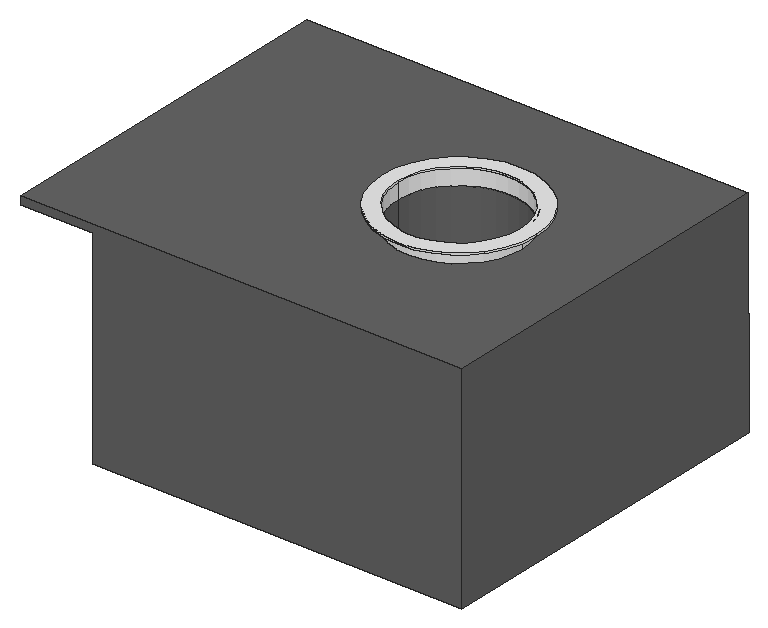
Revit family "A6", category Lighting Fixtures, host Face, Revit 2014
Parameters (values of type "A6")
  Wattage Comments = "20-50 W"
  Wattage = 9.2903 W
  built-in parameter 1150110 = 1 (stored number, unit not read)
  URL = "https://www.hubbell.com/prescolite/en/"
  Type Comments = "Lighting Fixture"
  built-in parameter 1114217 = 1 (stored number, unit not read)
  Tilt Angle = -90.00°
  built-in parameter 1150109 = 1 (stored number, unit not read)
  built-in parameter 1150134 = 3
  built-in parameter 1150113 = 1 (stored number, unit not read)
  Product Specification Sheet = "https://hubbellcdn.com/specsheet/arch_inc_045.pdf"
  Product Page URL = "http://www.prescolite.com/products/a6/"
  Photometric Web Link = "https://www.hubbell.com/prescolite/en/Products/Lighting-Controls/Commercial-Indoor-Lighting/Recessed-Downlights/A6/p/212800#prod-resources-section"
  Photometric Web File = "a6par306c3bat_6c3bat_30_degree_lamp.IES"
  Model = "A6"  # constant formula
  Manufacturer = "Prescolite"  # constant formula
  built-in parameter 1150105 = 109.82 (stored number, unit not read)
  Lumens = 1380 lm
  built-in parameter 1150115 = 1 (stored number, unit not read)
  built-in parameter 1150137 = (empty or 0)
  built-in parameter 1150139 = (empty or 0)
  built-in parameter 1150112 = 1 (stored number, unit not read)
  built-in parameter 1150114 = 1 (stored number, unit not read)
  Lamp = "MR16"
  Keynote = ""
  built-in parameter 1150132 = (empty or 0)
  built-in parameter 1150102 = (empty or 0)
  built-in parameter 1150107 = 3200 (stored number, unit not read)
  built-in parameter 1150138 = (empty or 0)
  built-in parameter 1150106 = 1.0982 (stored number, unit not read)
  Housing = Reflector
  Finish = Steel
  Features = "35º vertical and 362º rotational aiming\r\n35º vertical aiming with visual aiming markers\r\nAll trims feature center beam optics\r\nHot aiming standard for all trims\r\nHorizontal and vertical adjustment can be locked in position\r\nB24 bar hangers sold separately for T-bar ceilings"
  built-in parameter 1150104 = 13.8 (stored number, unit not read)
  Dimming Lamp Color Temperature Shift = <None>
  Description = "6 inch ADJUSTABLE DOWNLIGHTS"  # constant formula
  Default Elevation = 48"
  Contact Us = "https://www.hubbell.com/prescolite/en/contactUs?productId=212800"
  Color Filter = 16777215
  Certification = "UL,CSA"
  built-in parameter 1114218 = 1 (stored number, unit not read)
  built-in parameter 1150133 = 10 (stored number, unit not read)
  Apparent Load = 0 VA
Reference planes (in)
  plane 1 "Center (Front/Back)": y = 0
  plane 2: z = 0
  plane 3 "Center (Left/Right)": x = 0
  plane 4: y = 5.84375
  plane 5: y = -5.84375
  plane 6: z = -7.5
  plane 7: x = -7.1875
  plane 8: x = 7.1875
  plane 9: z = 0.05
  plane 10: x = 2.44008
  plane 11: z = -0.45
  plane 12: z = 0.175
Forms (in)
  Extrusion 1, solid, material "Reflector" <- "Housing"
    sketch origin (0, 0, 0) x (1, 0, 0) y (0, 1, 0)
      loop
        circle (2.44008, 0) r 2
      loop
        circle (2.44008, 0) r 2.5
    from 0 to 0.05
  Revolve 2, solid, material "Reflector" <- "Housing"
    sketch origin (0, 0, -1.05078) x (1, 0, 0) y (0, 0, 1)
      loop
        line (0.39008, 1.10078) -> (0.39008, 1.05078) -> (0.44008, 1.05078) -> (0.44008, 1.10078) -> (0.39008, 1.10078)
      axis (2.44008, 1.10078) -> (2.44008, 1.05078)
    angle from 0 to 360
  Extrusion 3, void
    sketch origin (0, 0, 0) x (1, 0, 0) y (0, 1, 0)
      loop
        line (-7.1875, 5.84375) -> (-7.1875, -5.84375) -> (7.1875, -5.84375) -> (7.1875, 5.84375) -> (-7.1875, 5.84375)
    from -0.5 to -7.5
  Revolve 4, solid, material "Reflector" <- "Housing"
    sketch origin (0, 0, 0) x (1, 0, 0) y (0, 0, 1)
      loop
        line (2.44008, 0) -> (0.37546, 0) -> (0.37546, -0.5) -> (2.44008, -0.5) -> (2.44008, 0)
      axis (2.44008, 0) -> (2.44008, -0.5)
    angle from 0 to 360
  Extrusion 5, solid, material "Steel" <- "Finish"
    sketch origin (0, 0, 0) x (1, 0, 0) y (0, 0, 1)
      loop
        line (7.1875, -7.5) -> (7.1875, -0.5) -> (-4.8125, -0.5) -> (-4.8125, -7.5) -> (7.1875, -7.5)
    from -5.84375 to 5.84375
  Extrusion 6, void
    sketch origin (0, 0, 0) x (1, 0, 0) y (0, 1, 0)
      loop
        circle (2.44008, 0) r 2
    from 0 to -2.32538
  Extrusion 7, void
    sketch origin (0, 0, 0) x (1, 0, 0) y (0, 1, 0)
      loop
        circle (2.44008, 0) r 2
    from 0 to -6.24644
  Extrusion 8, solid, material "Steel" <- "Finish"
    sketch origin (0, 0, 0) x (1, 0, 0) y (0, 0, 1)
      loop
        line (-4.8125, -0.5) -> (-7.1875, -0.5) -> (-7.1875, -0.75) -> (-4.8125, -0.75) -> (-4.8125, -0.5)
    from -5.84375 to 5.84375
  Extrusion 9, solid, material "Reflector" <- "Housing"
    sketch origin (0, 0, 0) x (1, 0, 0) y (0, 0, 1)
      loop
        line (-6.5625, -0.75) -> (-6.5625, -2.75) -> (-4.8125, -2.75) -> (-4.8125, -0.75) -> (-6.5625, -0.75)
    from -4.04933 to 2.98706
Cuts and joins
  Extrusion 3, Extrusion 6, Extrusion 7 cuts Extrusion 1
  Extrusion 6, Extrusion 7 cuts Revolve 2
  Extrusion 6, Extrusion 7 cuts Revolve 4
  joined: Extrusion 1, Revolve 2, Revolve 4
  Extrusion 7 cuts Extrusion 5
  joined: Extrusion 5, Extrusion 8
Dimensions and locks (in)
  plane 5 to plane 1 "Center (Front/Back)" = 5 27/32"
  plane 4 to plane 1 "Center (Front/Back)" = 5 27/32"
  plane 7 to plane 3 "Center (Left/Right)" = 7 3/16"
  plane 3 "Center (Left/Right)" to plane 8 = 7 3/16"
  locked: host face to plane 6 at 7.5
  Extrusion 5 sketch curve to Extrusion 5 sketch curve to host face = 12" locked, 2 3/8" locked
  host face to Extrusion 8 sketch curve to Extrusion 8 sketch curve = 6 3/4" locked, 1/4" locked
  Extrusion 9 sketch curve to Extrusion 9 sketch curve to plane 3 "Center (Left/Right)" = 1 3/4" locked, 4 13/16"
  Extrusion 9 sketch curve to Extrusion 9 sketch curve to host face = 2" locked, 4 3/4" locked
  aligned and locked: host face to plane 2
  aligned and locked: level to host face
  aligned and locked: plane 9 to Extrusion 1
  aligned and locked: Extrusion 3 sketch curve to plane 4
  aligned and locked: plane 7 to Extrusion 3 sketch curve
  aligned and locked: Extrusion 3 sketch curve to plane 5
  aligned and locked: Extrusion 3 sketch curve to plane 8
  aligned and locked: Extrusion 3 to plane 6
  aligned and locked: Revolve 4 sketch curve to plane 10
  aligned and locked: Extrusion 5 sketch curve to plane 8
  aligned and locked: plane 6 to Extrusion 5 sketch curve
  aligned and locked: Extrusion 5 sketch curve to cut or joined group of Extrusion 1, Revolve 2, Extrusion 3, Revolve 4, Extrusion 6, Extrusion 7
  aligned and locked: plane 4 to Extrusion 5
  aligned and locked: plane 5 to Extrusion 5
  aligned and locked: Extrusion 6 sketch curve to cut or joined group of Extrusion 1, Revolve 2, Extrusion 3, Revolve 4, Extrusion 6, Extrusion 7  (x2)
  aligned and locked: Extrusion 8 sketch curve to plane 7
  aligned and locked: cut or joined group of Extrusion 5, Extrusion 7, Extrusion 8 to Extrusion 8 sketch curve
  aligned and locked: Extrusion 8 sketch curve to cut or joined group of Extrusion 5, Extrusion 7, Extrusion 8
  aligned and locked: Extrusion 5 to Extrusion 8
  aligned and locked: Extrusion 8 to Extrusion 5
  aligned and locked: cut or joined group of Extrusion 5, Extrusion 7, Extrusion 8 to Extrusion 9 sketch curve
  aligned and locked: Extrusion 9 to cut or joined group of Extrusion 5, Extrusion 7, Extrusion 8
  aligned and locked: plane 10 to imposter light
  aligned and locked: Revolve 4 sketch curve to Revolve 4 sketch curve
  aligned and locked: imposter light to plane 12
Connectors (in)
  electrical at (1.1875, 0, -7.5), driven by "Description"
    settings: on cut or joined group of Extrusion 5, Extrusion 7, Extrusion 8, index 1, voltage 0 V, apparent load 0 VA, apparent load phase1 0 VA, apparent load phase2 0 VA, apparent load phase3 0 VA, power factor 1, load classification "Other", number of poles 1, system type 30, power factor state 1, is connector primary yes, connector utility no, sub classification motor no, connector description "6 inch ADJUSTABLE DOWNLIGHTS"
